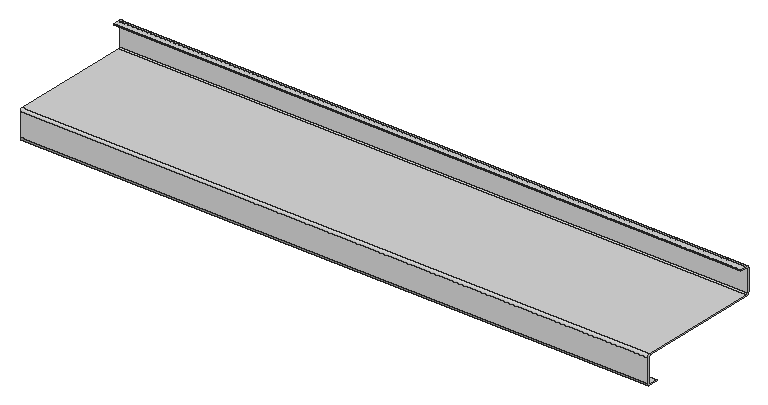
Revit family "M_Trilho-madre galvanizado", category Quadro estrutural, Revit 2019
Family settings
  Arredondamento do comprimento do framing estrutural = 0 mm
  Forma do corte = Não definido
  Material para o comportamento do modelo = Aço
  Exportar sempre como geometria = Não
  Número OmniClass = 23.25.30.11.14.14
  Título OmniClass = Beams
  ID de item do Seek = Light Gauge-Purlin-Rail-0000-CAN-ENU
  Sempre na vertical = Sim
  Corte com vazios quando carregada = Não
  Representação simbólica = Das configurações de projeto
  Compartilhado = Não
  Exibir o pré-corte da família na vista da planta = Sim
Parameters (values of type "PR225")
  t = 2 mm
  d2 = 20 mm
  d1 = 16 mm
  W = 0
  Structural Material [instance] = Metal - Manômetro de luz
  B = 225 mm
  D2 = 50 mm
  D1 = 45 mm
  Código de montagem = "B10"
  Length [instance] = 1500 mm
  A = 0.00 mm²
Reference planes
  plane 1 "Centro (Frente/Trás)": y = 0
  plane 2: z = 0
  plane 3 "Centro (Esquerda/Direita)": x = 0.008
  plane 4 "Membro esquerdo": x = -556.99
  plane 5 "Membro direito": x = 566.21
  plane 6 "Superior": z = 45
  plane 7: z = -50
  plane 8 "Esquerda": x = -757.39
  plane 9 "Direita": x = 742.61
  plane 10: y = -112.5
  plane 11: y = 112.5
  plane 12: y = 96.5
  plane 13: y = -92.5
Forms (mm)
  Sweep 1, solid, material "Metal - Manômetro de luz" <- "Structural Material", detail levels medium
    path origin (0, 0.016, 0) x (1, 0, 0) y (0, 1, 0)
      loop
        line (566.21, -0.016) -> (-556.99, -0.016)
    profile origin (4.61, 0, 0) x (0, -1, 0) y (0, 0, 1)
      loop
        line (-110.5, 0) -> (-110.5, 43) -> (-96.5, 43) -> (-96.5, 45) -> (-112.5, 45) -> (-112.5, -2) -> (110.5, -2) -> (110.5, -48) -> (92.5, -48) -> (92.5, -50) -> (112.5, -50) -> (112.5, 0) -> (-110.5, 0)
  Sweep 2, solid, material "Metal - Manômetro de luz" <- "Structural Material", detail levels fine
    path origin (-87.5, 0.016, 0) x (1, 0, 0) y (0, 1, 0)
      loop
        line (653.71, -0.016) -> (-469.49, -0.016)
    profile origin (4.61, 0, 0) x (0, -1, 0) y (0, 0, 1)
      loop
        arc (-108.5, 0) -> (-109.914, 0.586) -> (-110.5, 2) r 2
        line (-110.5, 2) -> (-110.5, 41)
        arc (-110.5, 41) -> (-109.914, 42.414) -> (-108.5, 43) r 2
        line (-108.5, 43) -> (-96.5, 43) -> (-96.5, 45) -> (-108.5, 45)
        arc (-108.5, 45) -> (-111.328, 43.828) -> (-112.5, 41) r 4
        line (-112.5, 41) -> (-112.5, 2)
        arc (-112.5, 2) -> (-111.328, -0.828) -> (-108.5, -2) r 4
        line (-108.5, -2) -> (108.5, -2)
        arc (108.5, -2) -> (109.914, -2.586) -> (110.5, -4) r 2
        line (110.5, -4) -> (110.5, -46)
        arc (110.5, -46) -> (109.914, -47.414) -> (108.5, -48) r 2
        line (108.5, -48) -> (92.5, -48) -> (92.5, -50) -> (108.5, -50)
        arc (108.5, -50) -> (111.328, -48.828) -> (112.5, -46) r 4
        line (112.5, -46) -> (112.5, -4)
        arc (112.5, -4) -> (111.328, -1.172) -> (108.5, 0) r 4
        line (108.5, 0) -> (-108.5, 0)
Lines and regions (mm)
  symbolic lines, style "Faces ocultas", detail levels medium+fine
    curve 1: line (-556.99, 4.763, 43) -> (566.21, 4.763, 43)
    curve 7: line (-556.99, -92.5, 0) -> (566.21, -92.5, 0)
    curve 8: line (-556.99, -110.5, 0) -> (566.21, -110.5, 0)
    curve 9: line (-556.99, 96.5, 0) -> (566.21, 96.5, 0)
    curve 10: line (-556.99, 110.5, 0) -> (566.21, 110.5, 0)
    curve 11: line (566.21, 0, 0) -> (-556.99, 0, 0)
    curve 12: line (566.21, 0, -2) -> (-556.99, 0, -2)
    curve 13: line (566.21, 0, -48) -> (-556.99, 0, -48)
  symbolic lines, style "Símbolos de vara", detail levels coarse
    curve 2: line (-757.39, 96.5, 45) -> (-757.39, 112.5, 45)
    curve 3: line (-757.39, 112.5, 45) -> (-757.39, 112.5, 0)
    curve 4: line (-757.39, 112.5, 0) -> (-757.39, -112.5, 0)
    curve 5: line (-757.39, -112.5, 0) -> (-757.39, -112.5, -50)
    curve 6: line (-757.39, -112.5, -50) -> (-757.39, -92.5, -50)
Dimensions and locks
  "Length": plane 8 "Esquerda" to plane 9 "Direita"
  "t": Sweep 1 sketch curve to Sweep 1 sketch curve  (x5)
  equal spacing: plane 11, plane 1 "Centro (Frente/Trás)", plane 10
  "B": plane 11 to plane 10
  "D1": level to plane 6 "Superior"
  "D2": level to plane 7
  "t": plane 10 to curve 8
  locked: plane 10 to curve 7 at 20
  "t": curve 10 to plane 11
  "t": Sweep 2 sketch curve to Sweep 2 sketch curve  (x5)
  "d1": plane 11 to plane 12
  "d2": plane 13 to plane 10
  aligned and locked: level to plane 2
  aligned and locked: Sweep 1 sketch curve to plane 7
  aligned and locked: plane 6 "Superior" to Sweep 1 sketch curve  (x2)
  aligned and locked: Sweep 1 sketch curve to Sweep 1 sketch curve
  aligned and locked: Sweep 1 to curve 2
  aligned and locked: curve 3 to Sweep 1
  aligned and locked: curve 4 to level
  aligned and locked: curve 5 to Sweep 1
  aligned and locked: curve 6 to Sweep 1
  aligned and locked: curve 12 to Sweep 1
  aligned and locked: curve 11 to Sweep 1
  aligned and locked: Sweep 2 sketch curve to Sweep 2 sketch curve
  aligned and locked: plane 6 "Superior" to Sweep 2 sketch curve
  aligned and locked: Sweep 2 sketch curve to plane 7
  aligned and locked: Sweep 2 sketch curve to level
  aligned and locked: curve 13 to Sweep 2
  aligned and locked: Sweep 1 to Sweep 2
  aligned and locked: curve 1 to Sweep 2
  aligned and locked: Sweep 1 sketch curve to plane 12
  aligned and locked: Sweep 1 sketch curve to plane 10
  aligned and locked: plane 11 to Sweep 1 sketch curve
  aligned and locked: plane 13 to Sweep 1 sketch curve
  aligned and locked: plane 13 to Sweep 2 sketch curve
  aligned and locked: plane 11 to Sweep 2 sketch curve
  aligned and locked: Sweep 2 sketch curve to plane 10
  aligned and locked: Sweep 2 sketch curve to plane 12
  aligned and locked: plane 4 "Membro esquerdo" to Sweep 2 sketch curve
  aligned and locked: plane 5 "Membro direito" to Sweep 2 sketch curve
  aligned and locked: plane 4 "Membro esquerdo" to Sweep 1 sketch curve
  aligned and locked: plane 5 "Membro direito" to Sweep 1 sketch curve
  aligned and locked: plane 4 "Membro esquerdo" to curve 7
  aligned and locked: plane 4 "Membro esquerdo" to curve 8
  aligned and locked: plane 4 "Membro esquerdo" to curve 9
  aligned and locked: plane 4 "Membro esquerdo" to curve 10
  aligned and locked: plane 5 "Membro direito" to curve 10
  aligned and locked: plane 5 "Membro direito" to curve 9
  aligned and locked: plane 5 "Membro direito" to curve 7
  aligned and locked: plane 5 "Membro direito" to curve 8
  aligned and locked: plane 4 "Membro esquerdo" to curve 1
  aligned and locked: plane 4 "Membro esquerdo" to curve 11
  aligned and locked: plane 4 "Membro esquerdo" to curve 12
  aligned and locked: plane 4 "Membro esquerdo" to curve 13
  aligned and locked: plane 5 "Membro direito" to curve 1
  aligned and locked: plane 5 "Membro direito" to curve 11
  aligned and locked: plane 5 "Membro direito" to curve 12
  aligned and locked: plane 5 "Membro direito" to curve 13
Automatic sketch dimensions
  Sweep 1 sketch curve to plane 1 "Centro (Frente/Trás)" = 0 mm
  Sweep 1 sketch curve to level = 0 mm
  plane 11 to curve 2 = 16 mm
  curve 6 to curve 6 = 20 mm
  Sweep 2 sketch curve to plane 1 "Centro (Frente/Trás)" = 0 mm
  Sweep 2 sketch curve to Sweep 2 sketch curve = 0 mm  (x4)
  level to Sweep 2 sketch curve = 2 mm
  Sweep 2 sketch curve to Sweep 2 sketch curve = 2 mm  (x3)
  curve 9 to curve 10 = 14 mm
Types in the file's own list only (2): name | B
  PR250 | 250 mm
  PR300 | 300 mm
